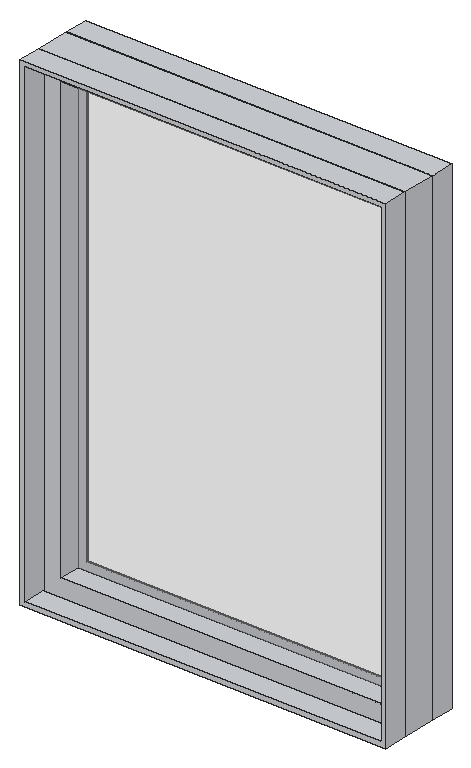
Revit family "G241_Fixed_Window-Peerless", category Windows, host Wall, Revit 2019
Family settings
  Host = Wall
  OmniClass Number = 23.30.20.00
  OmniClass Title = Windows
  Always vertical = Yes
  Cut with Voids When Loaded = No
  Shared = No
  Room Calculation Point = No
Parameters (values of type "G241 Fixed 36" x 48"")
  Weight (lbs) = (((Height / 1.000") / 12) + ((Width / 1.000") / 12)) * 7  # 49
  Warranty URL = "https://smartbim-library-production.s3.amazonaws.com/manufacturers/cdf3d296-4637-4822-8528-4df1e33802a8/products/91469a85-94f5-45f9-a60f-24c51597249b/downloads/7dff4158-d18c-4702-a036-b93493c65adf/Sample%20Warranty.pdf"
  URL = "https://www.peerlessproducts.com/"
  Rough Width = Width + 0.250"  # 36.250"
  Rough Height = Height + 0.250"  # 48.250"
  Product Page URL = "https://peerlessproducts.concora.com/products/91469a85-94f5-45f9-a60f-24c51597249b"
  Product Data Sheet URL = "https://www.peerlessproducts.com/Portals/0/PeerlessAssets/pdf/G241Fixed.pdf"
  Model = "G241"  # constant formula
  Manufacturer Phone = "620-223-4610"  # constant formula
  Manufacturer Fax = "620-224-3107"  # constant formula
  Manufacturer Email = "slero@peerlessproducts.com"
  Manufacturer Address = "2403 S Main St, Fort Scott, KS 66701"  # constant formula
  Manufacturer = "Peerless Products, Inc"  # constant formula
  Height = 48.000"
  Frame Finish [instance] = none
  Description = "G241 is a fixed window used in mid-high rise buildings all over the nation to meet performance requirements."  # constant formula
  Default Sill Height = 36.000"
  Wall Closure = By host
  Width = 36.000"
  Certifications = ""
  Analytic Construction = "<None>"
  04 CSI = "08 50 00"  # constant formula
Reference planes (in)
  plane 1 "Center (Front/Back)": y = 0
  plane 2: z = 0
  plane 3 "Center (Left/Right)": x = 0
  plane 4 "Left": x = -18
  plane 5 "Right": x = 18
  plane 6 "Sill": z = 36
  plane 7 "Top": z = 84
Forms (in)
  Sweep 1, solid, material <- "Frame Finish"
    path origin (0, 0, 0) x (1, 0, 0) y (0, 0, 1)
      loop
        line (-18, 84) -> (-18, 36) -> (18, 36) -> (18, 84) -> (-18, 84)
    profile origin (0, 0, 84) x (0, 0, 1) y (0, -1, 0)
      loop
        line (0, -1.66437) -> (0, 1.66437) -> (-2.08294, 1.66437) -> (-2.08294, -0.43774) -> (-1.31311, -0.43774) -> (-1.31311, -1.43774) -> (-2.18926, -1.43774) -> (-2.18926, -1.47019)
        arc (-2.18926, -1.47019) -> (-2.14674, -1.4982) -> (-2.11678, -1.53937) r 0.14255
        line (-2.11678, -1.53937) -> (-2.08279, -1.53937) -> (-2.08279, -1.66437) -> (0, -1.66437)
  Extrusion 2, solid, material "Glass - Cardinal Glass - Peerless Products"
    sketch origin (0, 0, 0) x (1, 0, 0) y (0, 0, 1)
      loop
        line (-16.68689, 82.68689) -> (-16.68689, 37.31311) -> (16.68689, 37.31311) -> (16.68689, 82.68689) -> (-16.68689, 82.68689)
    from -1.43774 to -0.43774
  Sweep 3, solid, material <- "Frame Finish"
    path origin (-15.91706, -1.66437, 81.91706) x (1, 0, 0) y (0, 0, 1)
      loop
        line (-2.08294, -45.91706) -> (33.91706, -45.91706) -> (33.91706, 2.08294) -> (-2.08294, 2.08294) -> (-2.08294, -45.91706)
    profile origin (0, -1.66437, 36) x (0, 0, 1) y (0, -1, 0)
      loop
        line (0, 0) -> (0.4, 0) -> (0.4, 2.33563) -> (0, 2.33563) -> (0, 0)
  Sweep 4, solid, material <- "Frame Finish"
    path origin (-18, 1.66437, 84) x (1, 0, 0) y (0, 0, -1)
      loop
        line (36, 48) -> (0, 48) -> (0, 0) -> (36, 0) -> (36, 48)
    profile origin (0, 1.66437, 36) x (0, 0, 1) y (0, 1, 0)
      loop
        line (0, 0) -> (0.49548, 0) -> (0.25, 2.33563) -> (0, 2.33563) -> (0, 0)
Lines and regions (in)
  Opening 1
    outline origin (-60, -4, 0) x (1, 0, 0) y (0, 0, 1)
      loop
        line (42, 84) -> (42, 36) -> (78, 36) -> (78, 84) -> (42, 84)
Text (in)
  text "EXTERIOR" at (-58.6888, 50.90694, 0), in view "Ref. Level"
  text "INTERIOR" at (-58.6888, -37.76638, 0), in view "Ref. Level"
  text "Exterior" at (0, 43.65631, 123.19604), in view "Left"
  text "Exterior" at (0, 18.29385, 125.04747), in view "Right"
Dimensions and locks (in)
  equal spacing: plane 4 "Left", plane 3 "Center (Left/Right)", plane 5 "Right"
  "Width": plane 4 "Left" to plane 5 "Right"
  "Height": plane 6 "Sill" to plane 7 "Top"
  "Default Sill Height": plane 2 to plane 6 "Sill"
  locked: Sweep 1 to Sweep 4 sketch curve at 0.25
  aligned and locked: plane 7 "Top" to Opening 1 sketch curve
  aligned and locked: plane 6 "Sill" to Opening 1 sketch curve  (x2)
  aligned and locked: plane 5 "Right" to Opening 1 sketch curve
  aligned and locked: plane 4 "Left" to Opening 1 sketch curve
  aligned and locked: level to plane 2
  aligned and locked: Extrusion 2 to Sweep 1  (x6)
  aligned and locked: Sweep 3 sketch curve to Sweep 1
  aligned and locked: Sweep 1 to Sweep 3 sketch curve
  aligned and locked: Sweep 3 sketch curve to host wall
  aligned and locked: Sweep 4 sketch curve to Sweep 1
  aligned and locked: Sweep 1 to Sweep 4 sketch curve
  aligned and locked: Sweep 4 sketch curve to host wall
Automatic sketch dimensions
  plane 5 "Right" to Sweep 1 sketch curve = 0.000"
  Sweep 1 sketch curve to plane 6 "Sill" = 0.000"
  Sweep 1 sketch curve to plane 7 "Top" = 0.000"
  plane 4 "Left" to Sweep 1 sketch curve = 0.000"
  Extrusion 2 sketch curve to plane 4 "Left" = 1.31311"
  plane 7 "Top" to Extrusion 2 sketch curve = 1.31311"
  Extrusion 2 sketch curve to plane 6 "Sill" = 1.31311"
  plane 5 "Right" to Extrusion 2 sketch curve = 1.31311"
  profile plane to Sweep 1 sketch curve = 0.000"
  Sweep 1 sketch curve to plane 1 "Center (Front/Back)" = 0.43774"
  profile plane to Sweep 1 sketch curve = 1.31311"
  Sweep 1 sketch curve to Sweep 1 sketch curve = 0.76968"
  Sweep 1 sketch curve to Sweep 1 sketch curve = 0.03399"
  Sweep 1 sketch curve to Sweep 1 sketch curve = 0.07248"
  Sweep 1 sketch curve to Sweep 1 sketch curve = 0.12839"
  Sweep 1 sketch curve to plane 1 "Center (Front/Back)" = 1.47019"
  Sweep 1 sketch curve to Sweep 1 sketch curve = 0.06918"
  Sweep 1 sketch curve to plane 1 "Center (Front/Back)" = 1.66437"
  plane 1 "Center (Front/Back)" to Sweep 1 sketch curve = 1.66437"
  Sweep 1 sketch curve to Sweep 1 sketch curve = 0.03245"
  Sweep 1 sketch curve to Sweep 1 sketch curve = 0.76984"
  Sweep 3 sketch curve to Sweep 1 = 0.000"  (x3)
  Sweep 1 to Sweep 3 sketch curve = 0.000"
  Sweep 3 sketch curve to profile plane = 0.400"
  Sweep 4 sketch curve to Sweep 1 = 0.000"  (x4)
  Sweep 4 sketch curve to profile plane = 0.49548"
